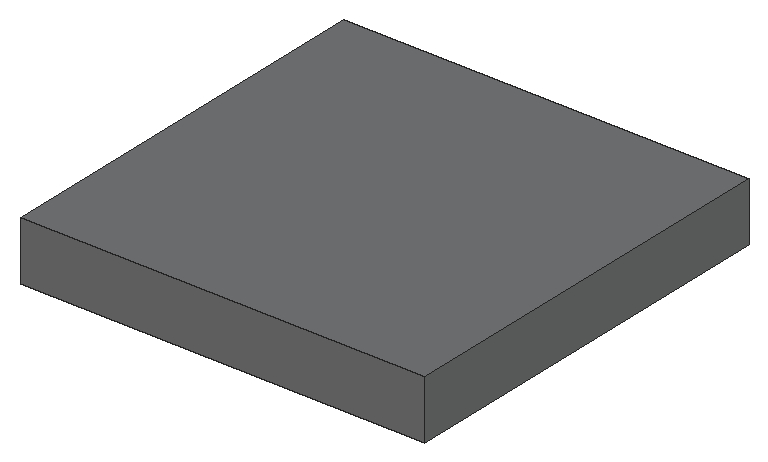
Revit family "Gira_027226", category Electrical Fixtures, host Face, Revit 2017
Family settings
  Host = Face
  Maintain Annotation Orientation = No
  Round Connector Dimension = Use Diameter
  Part Type = Normal
  Cut with Voids When Loaded = No
  Shared = No
  Room Calculation Point = No
Parameters (values of type "Cov. sup.ring devices Ø 22.5 mm System 55 c.alum.")
  URL = "http://katalog.gira.de/en/datenblatt.html?artikelnr=027226"
  Transparent = "No"
  Name = "Cov. sup.ring devices Ø 22.5 mm System 55 c.alum."
  Manufacturer URL = "https://www.gira.de/"
  Manufacturer = "Gira"
  Keynote = "Sys55_Abdeckung_Schalten und Tasten"
  HeinzeBIM = "https://bimportal.heinze.de/bim/cov-sup-ring-devices-22-5-mm-system-55-c-alum-/e70af6b137afb5c75c1989e32f73902e8f51d2da"
  HAN = "027226"
  GTIN = "4010337272267"
  Description = "Cov.sup.r.devices D22.5mm Sys55 CAl,Cover plate with support ring for the insertion of command and signal devices (diameter  22.5 mm),,colour aluminium,Notes :,- For screw mounting only.,- For push buttons, slam buttons, key buttons, non-latching buttons, illuminated buttons, and mushroom buttons, selector switches, and signal lights, e.g. from Lumitas, Rafi, Elan, or Fanal."
  Default Elevation = 1219.2 mm
  Data sheet (1) = "https://katalog.gira.de/en/download.html?artikelnr=027226"
  Category = "Insert/cover for communication technology"
  BIM (1) = "https://media.stage.bim.site/public/gira/36a6b08/Sys55_Abdeckung_Schalten und Tasten.rfa?public/gira/36a6b08/Sys55_Abdeckung_Schalten und Tasten.rfa"
  Available = "No"
  Anthrazit [instance] = Anthrazit
Reference planes
  plane 1 "Center (Front/Back)": y = 0
  plane 2: z = 0
  plane 3 "Center (Left/Right)": x = 0
Forms (mm)
  Extrusion 1, solid, material "Anthrazit" <- "Anthrazit", detail levels fine
    sketch origin (0, 0, 0) x (1, 0, 0) y (0, 1, 0)
      loop
        line (-27.5, 27.5) -> (-27.5, -27.5) -> (27.5, -27.5) -> (27.5, 27.5) -> (-27.5, 27.5)
    from 0 to 8
  Extrusion 2, void
    sketch origin (0, 0, 0) x (1, 0, 0) y (0, 1, 0)
      loop
        line (26, 26) -> (-26, 26) -> (-26, -26) -> (26, -26) -> (26, 26)
    from 0 to 6
  Extrusion 3, solid, material "Anthrazit" <- "Anthrazit", detail levels medium
    sketch origin (0, 0, 0) x (1, 0, 0) y (0, 1, 0)
      loop
        line (-27.5, 27.5) -> (-27.5, -27.5) -> (27.5, -27.5) -> (27.5, 27.5) -> (-27.5, 27.5)
    from 0 to 8
  Extrusion 4, solid, material "Anthrazit" <- "Anthrazit", detail levels medium
    sketch origin (0, 0, 0) x (1, 0, 0) y (0, 1, 0)
      loop
        line (11, -17.5) -> (11, 17.5) -> (-11, 17.5) -> (-11, -17.5) -> (11, -17.5)
    from -6 to 6
  Extrusion 5, solid, material "Anthrazit" <- "Anthrazit", detail levels fine
    sketch origin (0, 0, 0) x (1, 0, 0) y (0, 1, 0)
      loop
        line (11, 17.5) -> (-11, 17.5) -> (-11, 16.5) -> (11, 16.5) -> (11, 17.5)
      loop
        line (-11, -16.5) -> (-11, -17.5) -> (11, -17.5) -> (11, -16.5) -> (-11, -16.5)
    from -4 to 6
  Extrusion 6, solid, material "Anthrazit" <- "Anthrazit", detail levels fine
    sketch origin (0, 0, 0) x (1, 0, 0) y (0, 1, 0)
      loop
        arc (5, 9.347) -> (0, 10.6) -> (-5, 9.347) r 10.6
        line (-5, 9.347) -> (-5, -9.347)
        arc (-5, -9.347) -> (0, -10.6) -> (5, -9.347) r 10.6
        line (5, -9.347) -> (5, 9.347)
    from -6 to 6
  Extrusion 7, solid, material "Anthrazit" <- "Anthrazit", detail levels coarse
    sketch origin (0, 0, 0) x (1, 0, 0) y (0, 1, 0)
      loop
        line (-27.5, 27.5) -> (-27.5, -27.5) -> (27.5, -27.5) -> (27.5, 27.5) -> (-27.5, 27.5)
    from -6 to 8
Cuts and joins
  Extrusion 2 cuts Extrusion 1
Dimensions and locks
  aligned and locked: plane 2 to host face
  aligned and locked: level to host face
